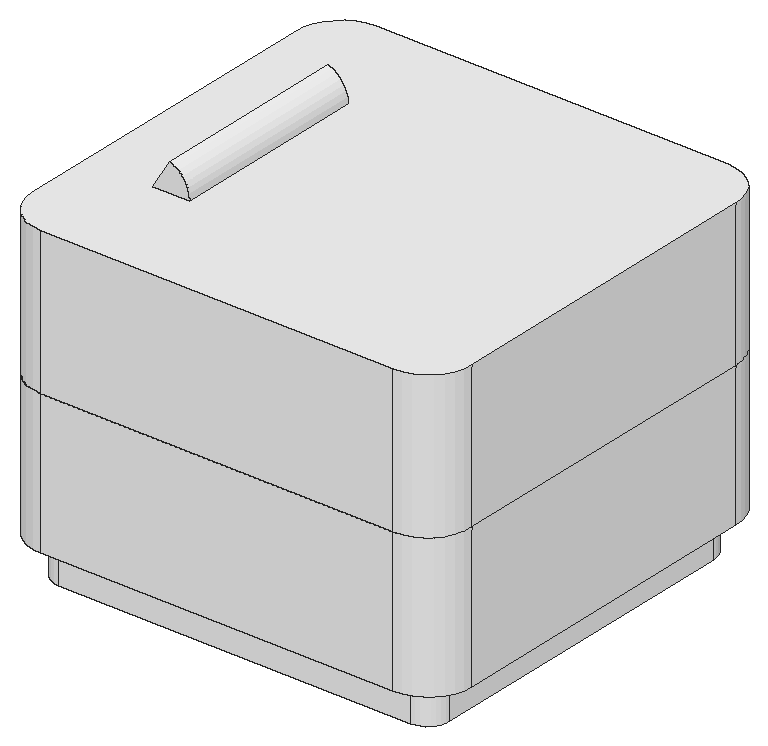
Revit family "Gira_041430", category Electrical Fixtures, host Face, Revit 2017
Family settings
  Host = Face
  Maintain Annotation Orientation = Yes
  Round Connector Dimension = Use Diameter
  Part Type = Normal
  Cut with Voids When Loaded = No
  Shared = No
  Room Calculation Point = No
Parameters (values of type "SCHUKO KD + SH WG AP Grau")
  Überspannungsschutz = "No"
  Werkstoffgüte = "sonstige"
  Werkstoff = "sonstige"
  Verdrehter Zentraleinsatz = "No"
  URL = "http://katalog.gira.de/de_DE/datenblatt.html?artikelnr=041430"
  Transparent = "No"
  Textfeld/Beschriftungsfläche = "No"
  Sonderstromversorgung = "ohne Sonderstromversorgung"
  Schutzleiterkontakt rund = "No"
  Schutzkontakt = "Yes"
  Region = "DE"
  Oberfläche = "sonstige"
  Nennstrom = "16 Ampere"
  Nennspannung = "250 Volt"
  Name = "SCHUKO KD + SH WG AP Grau"
  Montageart = "auf Putz"
  Mit erhöhtem Berührungsschutz = "Yes"
  Mit eingebauter USB-Spannungsversorgung = "No"
  Mit Signallampe = "No"
  Mit Orientierungsbeleuchtung = "No"
  Mit Klappdeckel = "Yes"
  Mit Funktionsbeleuchtung = "No"
  Mit Feinsicherung = "No"
  Mit Ein-/Ausschalter = "No"
  Mit Durchschleiffunktion = "No"
  Manufacturer URL = "https://www.gira.de/"
  Keynote = "IP44_Komplettgerät_Steckdose"
  Isolierter Einbau = "No"
  HeinzeBIM = "https://bimportal.heinze.de/bim/schuko-kd-sh-wg-ap-grau/28455d546e3aa69d17cffbf16e2409d6892a7800"
  Halogenfrei = "No"
  HAN = "041430"
  Geeignet für Schutzart (IP) = "IP44"
  GTIN = "4010337017387"
  Für "erschwerte Bedingungen" (nach VDE) = "No"
  Fehlerstromschutz = "No"
  Farbe = "grau"
  Default Elevation = 1219.2 mm
  Data sheet (1) = "https://katalog.gira.de/de_DE/download.html?artikelnr=041430"
  Category = "Steckdose"
  Befestigungsart = "Befestigung mit Schraube"
  Available = "Yes"
  Auswurfmechanismus = "No"
  Ausführung = "Schuko"
  Aufdruck/Kennzeichnung = "ohne Aufdruck"
  Anzahl der Steckdosen schaltbar = "0 "
  Anzahl der Module (bei Modulbauweise) = "1 "
  Anzahl der Einheiten = "1 "
  Antibakterielle Behandlung = "No"
  Anschlussart = "Steckklemme"
  Abschließbar = "No"
Reference planes
  plane 1 "Center (Front/Back)": y = 0
  plane 2: z = 0
  plane 3 "Center (Left/Right)": x = 0
Forms (mm)
  Extrusion 1, solid, material "White", detail levels fine
    sketch origin (41, 0, 0) x (1, 0, 0) y (0, 1, 0)
      loop
        line (-9, 38) -> (-73, 38)
        arc (-73, 38) -> (-78.657, 35.657) -> (-81, 30) r 8
        line (-81, 30) -> (-81, -30)
        arc (-81, -30) -> (-78.657, -35.657) -> (-73, -38) r 8
        line (-73, -38) -> (-9, -38)
        arc (-9, -38) -> (-3.343, -35.657) -> (-1, -30) r 8
        line (-1, -30) -> (-1, 30)
        arc (-1, 30) -> (-3.343, 35.657) -> (-9, 38) r 8
    from 0 to 26
  Extrusion 2, solid, material "White", detail levels fine
    sketch origin (41, 0, 0) x (1, 0, 0) y (0, 1, 0)
      loop
        line (-9, 38) -> (-73, 38)
        arc (-73, 38) -> (-78.657, 35.657) -> (-81, 30) r 8
        line (-81, 30) -> (-81, -30)
        arc (-81, -30) -> (-78.657, -35.657) -> (-73, -38) r 8
        line (-73, -38) -> (-9, -38)
        arc (-9, -38) -> (-3.343, -35.657) -> (-1, -30) r 8
        line (-1, -30) -> (-1, 30)
        arc (-1, 30) -> (-3.343, 35.657) -> (-9, 38) r 8
    from 26 to 52.5
  Extrusion 3, solid, material "White", detail levels fine
    sketch origin (41, 0, 0) x (1, 0, 0) y (0, 0, 1)
      loop
        line (-68.7, 52.5) -> (-62.067, 52.5)
        arc (-62.067, 52.5) -> (-63.019, 55.628) -> (-65.7, 57.5) r 5
        line (-65.7, 57.5) -> (-68.7, 52.5)
    from 18 to -18
  Extrusion 4, solid, material "White", detail levels medium
    sketch origin (41, -5.734, 0) x (1, 0, 0) y (0, 1, 0)
      loop
        line (-9, 43.734) -> (-73, 43.734)
        arc (-73, 43.734) -> (-78.657, 41.391) -> (-81, 35.734) r 8
        line (-81, 35.734) -> (-81, -24.266)
        arc (-81, -24.266) -> (-78.657, -29.923) -> (-73, -32.266) r 8
        line (-73, -32.266) -> (-9, -32.266)
        arc (-9, -32.266) -> (-3.343, -29.923) -> (-1, -24.266) r 8
        line (-1, -24.266) -> (-1, 35.734)
        arc (-1, 35.734) -> (-3.343, 41.391) -> (-9, 43.734) r 8
    from 0 to 52.5
  Extrusion 5, solid, material "White", detail levels medium
    sketch origin (41, 0, 0) x (1, 0, 0) y (0, 0, 1)
      loop
        line (-68.7, 57.5) -> (-68.7, 52.5) -> (-62.067, 52.5) -> (-62.067, 57.5) -> (-68.7, 57.5)
    from -18 to 18
  Extrusion 6, solid, material "White", detail levels coarse
    sketch origin (41, 0, 0) x (1, 0, 0) y (0, 1, 0)
      loop
        line (-1, 38) -> (-81, 38) -> (-81, -38) -> (-1, -38) -> (-1, 38)
    from -7 to 57.5
  Extrusion 7, solid, material "White", detail levels medium+fine
    sketch origin (41, 0, 0) x (1, 0, 0) y (0, 1, 0)
      loop
        line (-9, 34) -> (-73, 34)
        arc (-73, 34) -> (-75.828, 32.828) -> (-77, 30) r 4
        line (-77, 30) -> (-77, -30)
        arc (-77, -30) -> (-75.828, -32.828) -> (-73, -34) r 4
        line (-73, -34) -> (-9, -34)
        arc (-9, -34) -> (-6.172, -32.828) -> (-5, -30) r 4
        line (-5, -30) -> (-5, 30)
        arc (-5, 30) -> (-6.172, 32.828) -> (-9, 34) r 4
    from 0 to -7
Dimensions and locks
  Extrusion 6 to plane 3 "Center (Left/Right)" to Extrusion 6 = 40 mm, 40 mm
  aligned and locked: plane 2 to host face
  aligned and locked: level to host face
  aligned and locked: plane 3 "Center (Left/Right)" to nested 1
  aligned and locked: plane 1 "Center (Front/Back)" to nested 1
Nested families
  nested 1: "Steckdose 1-fach Beschriftung" at (0, 0, 0), type "Steckdose 1-fach Beschriftung"
Connectors
  electrical at (0, 0, -7)
    settings: on Extrusion 7, index 1, voltage 220 V, apparent load 0 VA, apparent load phase1 0 VA, apparent load phase2 0 VA, apparent load phase3 0 VA, power factor 1, load classification "Other", number of poles 1, system type 31, power factor state 1, is connector primary yes, connector utility no, sub classification motor no, connector description ""
Definition of nested family "Steckdose 1-fach Beschriftung"
  Reference planes
    plane 1: y = 0
    plane 2: x = 0
  Lines and regions (mm)
    detail lines
      curve 1: line (0, 0, 0) -> (0, 2, 0)
      curve 3: line (0, 2, 0) -> (-1, 2, 0)
      curve 4: arc (1, 3, 0) -> (0, 2, 0) -> (-1, 3, 0) r 1
      curve 5: line (0, 2, 0) -> (1, 2, 0)
    reference lines
      curve 2: line (-0.485, 3, 0) -> (2.315, 3, 0)
  Dimensions and locks
    curve 1 to curve 1 = 2 mm
    plane 1 to curve 2 = 3 mm
    curve 3 to curve 3 = 1 mm
